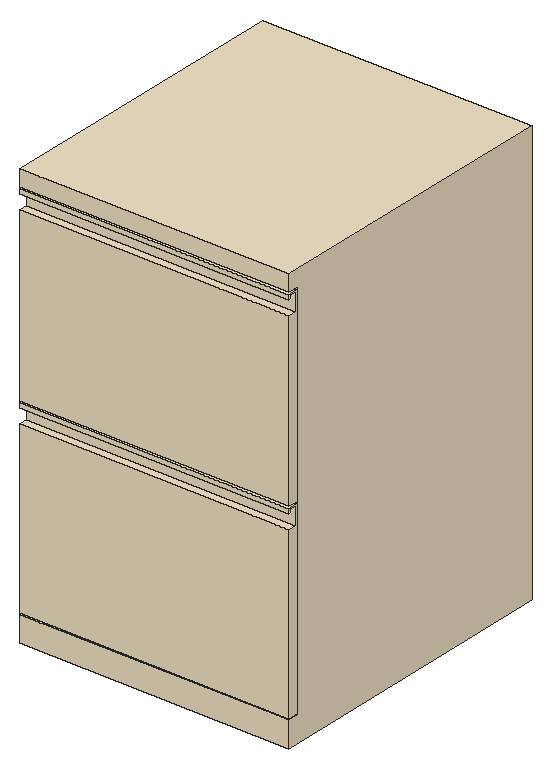
Revit family "M_Sistema de mobiliário-armazenamento-armário2_Arquivo", category Sistema de mobiliário, Revit 2019
Family settings
  Cota do conector redondo = Utilizar diâmetro
  Tipo de parte = Normal
  Número OmniClass = 23.40.70.14.64.21
  Título OmniClass = Systems Furniture
  Com base no plano de trabalho = Não
  Sempre na vertical = Sim
  Corte com vazios quando carregada = Não
  Compartilhado = Não
  Ponto de cálculo do ambiente = Não
Parameters (values of type "400 x 450 x 650mm")
  Largura = 400 mm
  Comentários de tipos = "Armário de arquivo duplo de 400 x 450 x 650 mm"
  Mostrar sólido [instance] = not(Mostrar com traços)  # yes
  Mostrar com traços [instance] = no
  Model = ""
  Manufacturer = ""
  Altura = 650 mm
  Acabamento da gaveta [instance] = Metal – Pintado – Bege
  Description = ""
  Linear = 450 mm
  Material do armário [instance] = Metal – Pintado – Bege
Reference planes
  plane 1 "Parte posterior": y = 450
  plane 2: z = 0
  plane 3 "Centro (Esquerda/Direita)": x = 0
  plane 4 "Esquerda": x = -200
  plane 5 "Direita": x = 200
  plane 6 "Centro (Frente/Trás)": y = 0
  plane 7: y = 16.662
  plane 8 "Superior": z = 650
  plane 9: z = 56.356
  plane 10: z = 626.188
  plane 11: z = 623.012
  plane 12: z = 594.845
  plane 13: z = 341.272
  plane 14: z = 338.097
  plane 15: z = 309.93
  plane 16: z = 19.05
  plane 17: y = 76.2
  plane 18: y = 373.8
  plane 19: x = -146.025
  plane 20: x = -101.575
  plane 21: x = 146.025
  plane 22: x = 101.575
  plane 23: y = 13.487
  plane 24: z = 900
Forms (mm)
  Extrusion 1, solid, material "Metal – Pintado – Bege" <- "Material do armário"
    sketch origin (0, 558.8, 0) x (1, 0, 0) y (0, 1, 0)
      loop
        line (-200, -108.8) -> (-200, -542.138) -> (200, -542.138) -> (200, -108.8) -> (-200, -108.8)
    from 56.356 to 626.188
  Extrusion 2, solid, material "Metal – Pintado – Bege" <- "Material do armário"
    sketch origin (0, 558.8, 0) x (1, 0, 0) y (0, 1, 0)
      loop
        line (-200, -108.8) -> (-200, -558.8) -> (200, -558.8) -> (200, -108.8) -> (-200, -108.8)
    from 626.188 to 650
  Extrusion 3, solid, material "Metal – Pintado – Bege" <- "Material do armário"
    sketch origin (0, 558.8, 0) x (1, 0, 0) y (0, 1, 0)
      loop
        line (-200, -108.8) -> (-200, -558.8) -> (200, -558.8) -> (200, -108.8) -> (-200, -108.8)
    from 19.05 to 56.356
  Extrusion 4, solid, material "Metal – Pintado – Bege" <- "Acabamento da gaveta", detail levels medium+fine
    sketch origin (0, 0, 0) x (0, 1, 0) y (0, 0, 1)
      loop
        line (0, 594.845) -> (0, 341.272) -> (13.487, 341.272) -> (13.487, 623.012) -> (0, 623.012) -> (0, 616.663) -> (1.524, 616.663) -> (1.524, 621.488) -> (11.9, 621.488) -> (11.9, 594.845) -> (0, 594.845)
    from -200 to 200
  Extrusion 5, solid, material "Metal – Pintado – Bege" <- "Acabamento da gaveta", detail levels medium+fine
    sketch origin (0, 0, 0) x (0, 1, 0) y (0, 0, 1)
      loop
        line (0, 309.93) -> (0, 58.737) -> (13.487, 58.737) -> (13.487, 338.097) -> (0, 338.097) -> (0, 331.747) -> (1.524, 331.747) -> (1.524, 336.573) -> (11.929, 336.573) -> (11.929, 309.93) -> (0, 309.93)
    from -200 to 200
  Extrusion 6, solid
    sketch origin (0, 0, 0) x (0, 1, 0) y (0, 0, 1)
      loop
        line (51.917, 19.05) -> (56.82, 9.206) -> (65.472, 2.419) -> (76.2, 0) -> (86.928, 2.419) -> (95.58, 9.206) -> (100.483, 19.05) -> (51.917, 19.05)
      loop
        line (349.517, 19.05) -> (354.42, 9.206) -> (363.072, 2.419) -> (373.8, 0) -> (384.528, 2.419) -> (393.18, 9.206) -> (398.083, 19.05) -> (349.517, 19.05)
    from -146.025 to -101.575
  Extrusion 7, solid
    sketch origin (0, -279.4, 0) x (0, 1, 0) y (0, 0, 1)
      loop
        line (331.317, 19.05) -> (336.22, 9.206) -> (344.872, 2.419) -> (355.6, 0) -> (366.328, 2.419) -> (374.98, 9.206) -> (379.883, 19.05) -> (331.317, 19.05)
      loop
        line (672.58, 9.206) -> (677.483, 19.05) -> (628.917, 19.05) -> (633.82, 9.206) -> (642.472, 2.419) -> (653.2, 0) -> (663.928, 2.419) -> (672.58, 9.206)
    from 101.575 to 146.025
  Extrusion 8, solid, material "Metal – Pintado – Bege" <- "Acabamento da gaveta", detail levels coarse
    sketch origin (0, 450, 0) x (1, 0, 0) y (0, 0, 1)
      loop
        line (-200, 338.097) -> (-200, 59.531) -> (200, 59.531) -> (200, 338.097) -> (-200, 338.097)
      loop
        line (-200, 623.012) -> (-200, 341.272) -> (200, 341.272) -> (200, 623.012) -> (-200, 623.012)
    from 436.513 to 450
Cuts and joins
  joined: Extrusion 1, Extrusion 2, Extrusion 3
Lines and regions (mm)
  Masking region 1, visible <- "Mostrar sólido"
    outline origin (0, 558.8, 0) x (1, 0, 0) y (0, 1, 0)
      loop
        line (-200, -108.8) -> (-200, -558.8) -> (200, -558.8) -> (200, -108.8) -> (-200, -108.8)
  Masking region 2, visible <- "Mostrar com traços"
    outline origin (0, 0, 0) x (1, 0, 0) y (0, 1, 0)
      loop
        line (-200, 450) -> (-200, 0) -> (200, 0) -> (200, 450) -> (-200, 450)
  symbolic lines, style "Armazenamento", visible <- "Mostrar sólido"
    curve 1: line (-200, 16.662, 0) -> (200, 16.662, 0)
    curve 2: line (-200, 16.662, 0) -> (200, 450, 0)
  symbolic lines, style "Linhas tracejadas", visible <- "Mostrar com traços"
    curve 3: line (-200, 16.662, 0) -> (200, 16.662, 0)
    curve 4: line (-200, 16.662, 0) -> (200, 450, 0)
  reference lines
    curve 5: line (0, 0, 0) -> (0, 0, 900)
Dimensions and locks
  "Largura": plane 4 "Esquerda" to plane 5 "Direita"
  "Linear": plane 6 "Centro (Frente/Trás)" to plane 1 "Parte posterior"
  equal spacing: plane 4 "Esquerda", plane 3 "Centro (Esquerda/Direita)", plane 5 "Direita"
  locked: plane 7 to plane 6 "Centro (Frente/Trás)" at 16.662
  locked: plane 9 to Extrusion 5 sketch curve at 2.381
  locked: plane 14 to Extrusion 5 sketch curve at 6.35
  locked: plane 6 "Centro (Frente/Trás)" to Extrusion 5 sketch curve at 1.524
  locked: plane 6 "Centro (Frente/Trás)" to plane 17 at 76.2
  locked: plane 18 to plane 1 "Parte posterior" at 76.2
  plane 20 to plane 19 to plane 4 "Esquerda" = 44.45 mm locked, 53.975 mm locked
  plane 5 "Direita" to plane 21 to plane 22 = 53.975 mm locked, 44.45 mm locked
  "Altura": plane 8 "Superior" to plane 2
  locked: plane 23 to plane 7 at 3.175
  locked: Extrusion 4 sketch curve to plane 23 at 1.588
  locked: Extrusion 5 sketch curve to plane 23 at 1.558
  locked: Extrusion 8 sketch curve to plane 9 at 3.175
  plane 8 "Superior" to plane 10 to plane 11 to plane 12 = 23.812 mm, 3.175 mm, 28.167 mm locked
  plane 13 to plane 14 to plane 15 = 3.175 mm locked, 28.167 mm locked
  equal spacing: plane 10, plane 13, plane 9
  locked: plane 24 to plane 2 at 900
  aligned and locked: plane 1 "Parte posterior" to Extrusion 1 sketch curve
  aligned and locked: Extrusion 1 sketch curve to plane 5 "Direita"
  aligned and locked: plane 4 "Esquerda" to Extrusion 1 sketch curve
  aligned and locked: plane 7 to Extrusion 1 sketch curve
  aligned and locked: Extrusion 1 to plane 9
  aligned and locked: plane 1 "Parte posterior" to Extrusion 2 sketch curve
  aligned and locked: Extrusion 2 sketch curve to plane 5 "Direita"
  aligned and locked: plane 4 "Esquerda" to Extrusion 2 sketch curve
  aligned and locked: plane 6 "Centro (Frente/Trás)" to Extrusion 2 sketch curve
  aligned and locked: Extrusion 2 to plane 10
  aligned and locked: plane 8 "Superior" to Extrusion 2
  aligned and locked: plane 1 "Parte posterior" to Extrusion 3 sketch curve
  aligned and locked: Extrusion 3 sketch curve to plane 5 "Direita"
  aligned and locked: plane 4 "Esquerda" to Extrusion 3 sketch curve
  aligned and locked: plane 6 "Centro (Frente/Trás)" to Extrusion 3 sketch curve
  aligned and locked: plane 9 to Extrusion 3
  aligned and locked: Extrusion 3 to plane 16
  aligned and locked: Extrusion 1 to plane 10
  aligned and locked: Extrusion 4 sketch curve to plane 11
  aligned and locked: Extrusion 4 sketch curve to plane 6 "Centro (Frente/Trás)"  (x2)
  aligned and locked: Extrusion 4 sketch curve to plane 12
  aligned and locked: plane 13 to Extrusion 4 sketch curve
  aligned and locked: Extrusion 5 sketch curve to plane 15
  aligned and locked: Extrusion 5 sketch curve to plane 6 "Centro (Frente/Trás)"  (x2)
  aligned and locked: Extrusion 5 sketch curve to plane 14
  aligned and locked: Extrusion 5 to plane 4 "Esquerda"
  aligned and locked: plane 5 "Direita" to Extrusion 5
  aligned and locked: Extrusion 4 to plane 4 "Esquerda"
  aligned and locked: plane 5 "Direita" to Extrusion 4
  aligned and locked: plane 19 to Extrusion 6
  aligned and locked: plane 20 to Extrusion 6
  aligned and locked: plane 21 to Extrusion 7
  aligned and locked: plane 22 to Extrusion 7
  aligned and locked: level to plane 2
  aligned and locked: Extrusion 7 sketch curve to Extrusion 6  (x2)
  aligned and locked: plane 5 "Direita" to curve 1
  aligned and locked: plane 23 to Extrusion 4 sketch curve
  aligned and locked: plane 23 to Extrusion 5 sketch curve
  aligned and locked: plane 1 "Parte posterior" to Masking region 1 sketch curve
  aligned and locked: Masking region 1 sketch curve to plane 5 "Direita"
  aligned and locked: plane 6 "Centro (Frente/Trás)" to Masking region 1 sketch curve
  aligned and locked: plane 4 "Esquerda" to Masking region 1 sketch curve
  aligned and locked: plane 4 "Esquerda" to Extrusion 8 sketch curve  (x2)
  aligned and locked: Extrusion 8 sketch curve to plane 14
  aligned and locked: Extrusion 8 sketch curve to plane 5 "Direita"  (x2)
  aligned and locked: plane 13 to Extrusion 8 sketch curve
  aligned and locked: Extrusion 8 sketch curve to plane 11
  aligned and locked: plane 23 to Extrusion 8
  aligned and locked: Extrusion 8 to plane 6 "Centro (Frente/Trás)"
  aligned and locked: plane 1 "Parte posterior" to curve 2
  aligned and locked: plane 5 "Direita" to curve 2
  aligned and locked: plane 1 "Parte posterior" to Masking region 2 sketch curve
  aligned and locked: plane 4 "Esquerda" to Masking region 2 sketch curve
  aligned and locked: plane 6 "Centro (Frente/Trás)" to Masking region 2 sketch curve
  aligned and locked: Masking region 2 sketch curve to plane 5 "Direita"
  aligned and locked: plane 5 "Direita" to curve 3
  aligned and locked: plane 7 to curve 2
  aligned and locked: plane 4 "Esquerda" to curve 2
  aligned and locked: plane 24 to curve 5
  aligned and locked: plane 2 to curve 5
  aligned and locked: plane 3 "Centro (Esquerda/Direita)" to curve 5
Automatic sketch dimensions
  plane 6 "Centro (Frente/Trás)" to Extrusion 4 sketch curve = 1.524 mm
  Extrusion 4 sketch curve to plane 11 = 6.35 mm
  Extrusion 4 sketch curve to plane 11 = 1.524 mm
  Extrusion 6 sketch curve to plane 16 = 0 mm  (x2)
  Extrusion 6 sketch curve to level = 0 mm  (x2)
  Extrusion 6 sketch curve to plane 17 = 0 mm
  Extrusion 6 sketch curve to plane 18 = 0 mm
  level to Extrusion 6 sketch curve = 2.419 mm  (x4)
  Extrusion 6 sketch curve to plane 17 = 10.728 mm
  level to Extrusion 6 sketch curve = 9.206 mm  (x4)
  Extrusion 6 sketch curve to Extrusion 6 sketch curve = 8.652 mm  (x3)
  Extrusion 6 sketch curve to Extrusion 6 sketch curve = 4.903 mm  (x4)
  plane 17 to Extrusion 6 sketch curve = 10.728 mm
  Extrusion 6 sketch curve to plane 18 = 24.283 mm
  Extrusion 6 sketch curve to plane 18 = 10.728 mm
  plane 18 to Extrusion 6 sketch curve = 10.728 mm
  Extrusion 7 sketch curve to plane 16 = 0 mm  (x2)
  Extrusion 7 sketch curve to level = 0 mm  (x2)
  plane 6 "Centro (Frente/Trás)" to Extrusion 7 sketch curve = 51.917 mm
  level to Extrusion 7 sketch curve = 9.206 mm  (x2)
  Extrusion 7 sketch curve to Extrusion 7 sketch curve = 4.903 mm  (x4)
  level to Extrusion 7 sketch curve = 2.419 mm  (x4)
  Extrusion 7 sketch curve to Extrusion 7 sketch curve = 8.652 mm  (x2)
  Extrusion 7 sketch curve to Extrusion 7 sketch curve = 10.728 mm  (x2)
  Extrusion 7 sketch curve to plane 18 = 10.728 mm
  Extrusion 7 sketch curve to plane 18 = 0 mm
  plane 18 to Extrusion 7 sketch curve = 10.728 mm
  Extrusion 5 sketch curve to plane 14 = 1.524 mm
Types in the file's own list only (5): name | Largura | Comentários de tipos | Linear
  400 x 550 x 650mm | 400 mm | "Armário de arquivo duplo de 400 x 550 x 650 mm" | 550 mm
  400 x 700 x 650mm | 400 mm | "Armário de arquivo duplo de 400 x 700 x 650 mm" | 700 mm
  450 x 450 x 650mm | 450 mm | "Armário de arquivo duplo de 450 x 450 x 650 mm" | 450 mm
  450 x 550 x 650mm | 450 mm | "Armário de arquivo duplo de 450 x 550 x 650 mm" | 550 mm
  450 x 700 x 650mm | 450 mm | "Armário de arquivo duplo de 450 x 700 x 650 mm" | 700 mm
